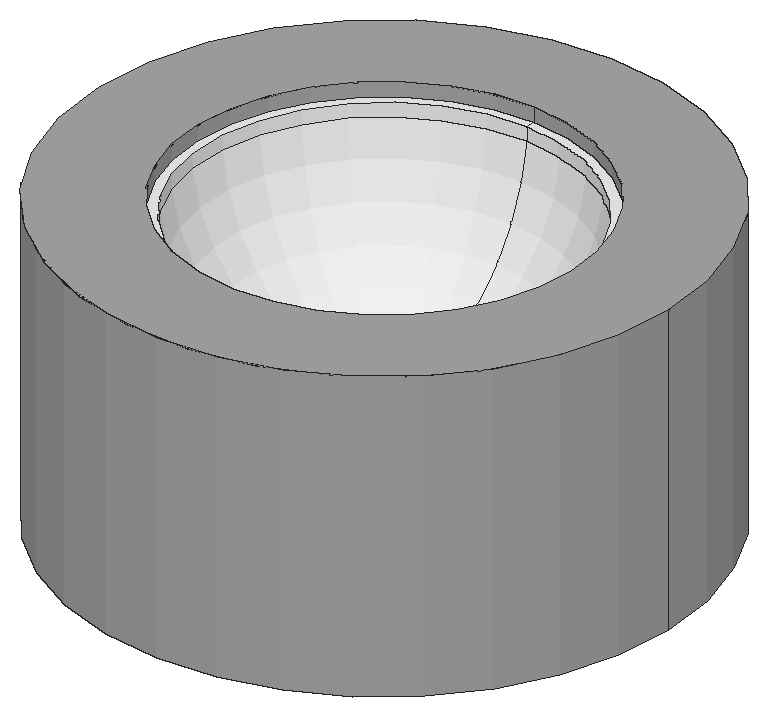
Revit family "Lighting_Fixture-Ceiling-Astro-Samos-Round", category Lighting Fixtures, host Face, Revit 2014
Parameters (values of type "5683 Samos Round (Anodised)")
  Width = 62.50 mm
  Weight = "0.3kg"
  Wattage Comments = "5w"
  Wattage = 1.26564 W
  built-in parameter 1150110 = 1 (stored number, unit not read)
  Voltage = 230 V
  URL = "www.astrolighting.co.uk"
  Type Comments = "- 230V LED driver not required - Ideal for fitting underneath cabinets"
  built-in parameter 1114217 = 1 (stored number, unit not read)
  Tilt Angle = -90.00°
  built-in parameter 1150109 = 1 (stored number, unit not read)
  built-in parameter 1150134 = (empty or 0)
  built-in parameter 1150113 = 1 (stored number, unit not read)
  Suitable for bathroom zone = "Zone 3"
  Product Documentation = "http://www.astrolighting.co.uk/products/kw/Samos/5683_Samos-Round"
  Photometric Web File = "7472 SAMOS ROUND.ies"
  Number of Poles = 1
  Mountable on normally flammable surfaces = "Yes"
  Model = "5683 Samos Round Anodised"
  Manufacturer = "Astro Lighting Ltd, CM20 2DP"
  built-in parameter 1150105 = 14.961 (stored number, unit not read)
  Lumens = 188 lm
  Luminaire Lamp Efficiency Rating = "A+"
  built-in parameter 1150115 = 1 (stored number, unit not read)
  Light Source Elevation = 15.00 mm
  built-in parameter 1150137 = (empty or 0)
  built-in parameter 1150139 = (empty or 0)
  Length = 62.50 mm
  built-in parameter 1150112 = 1 (stored number, unit not read)
  built-in parameter 1150114 = 1 (stored number, unit not read)
  Lamp included = "Yes"
  Lamp = "LED"
  built-in parameter 1150132 = 2
  built-in parameter 1150102 = (empty or 0)
  built-in parameter 1150107 = 3000 (stored number, unit not read)
  built-in parameter 1150138 = (empty or 0)
  built-in parameter 1150106 = 0.14961 (stored number, unit not read)
  IP Rating = "IP20"
  Height = 31.50 mm
  Energy Efficiency Rating = "A+"
  built-in parameter 1150104 = 13.8 (stored number, unit not read)
  Dimming Lamp Color Temperature Shift = <None>
  Dimmable = "No"
  Description = "Down Light"
  Default Elevation = 1219.20 mm
  Color Filter = 16777215
  Class = 2
  Casing Material = Astro - Aluminium - Anodised
  built-in parameter 1114218 = 1 (stored number, unit not read)
  built-in parameter 1150133 = 10 (stored number, unit not read)
  Manufacturer Contact = "01279 427001"
  Assembly Code = "D5020200"
  Apparent Load = 6.03 VA
Types (3, lengths in mm): name | Wattage | Product Documentation | Model | built-in parameter 1150104 | Casing Material
  (no name) | 1.26564 W | "http://www.astrolighting.co.uk/products/kw/Samos/5683_Samos-Round" | "5683 Samos Round Anodised" | 13.8 (stored number, unit not read) | Astro - Aluminium - Anodised
  5683 Samos Round (Anodised) | 1.26564 W | "http://www.astrolighting.co.uk/products/kw/Samos/5683_Samos-Round" | "5683 Samos Round Anodised" | 13.8 (stored number, unit not read) | Astro - Aluminium - Anodised
  7472 Samos Round (White) | 2.31813 W | "http://wwwhttp://www.astrolighting.co.uk/products/kw/Samos/7472_Samos-Round" | "7472 Samos Round White" | 7.5344 (stored number, unit not read) | Astro - Aluminium - White
Reference planes
  plane 1 "Center (Front/Back)": y = 0
  plane 2: z = 0
  plane 3 "Center (Left/Right)": x = 0
  plane 4 "Light Source Elevation": z = 15
  plane 5 "Left": x = -31.25
  plane 6 "Right": x = 31.25
  plane 7 "Front": y = 31.25
  plane 8 "Back": y = -31.25
  plane 9 "Bottom": z = 31.5
  plane 10 "Top": z = -180
Forms (mm)
  Revolve 1, solid, material "Astro - Aluminium - Chrome Finish"
    sketch origin (0, 0, 0) x (0, 1, 0) y (0, 0, 1)
      loop
        line (21.5, 30) -> (19.5, 30) -> (19.5, 28.546)
        arc (19.5, 28.546) -> (15.38, 18.214) -> (6.512, 11.5) r 20.728
        line (6.512, 11.5) -> (0, 11.5) -> (0, 9.5) -> (6.884, 9.5)
        arc (6.884, 9.5) -> (16.886, 16.891) -> (21.5, 28.44) r 22.728
        line (21.5, 28.44) -> (21.5, 30)
      axis (0, 30) -> (0, 9.5)
    angle from 0 to 360
  Extrusion 2, solid, material "Astro - Aluminium - Anodised" <- "Casing Material"
    sketch origin (0, 0, 0) x (1, 0, 0) y (0, 1, 0)
      loop
        circle (0, 0) r 31.25
    from 0 to 31.5
  Extrusion 3, void
    sketch origin (0, 0, 0) x (0, 1, 0) y (1, 0, 0)
      loop
        circle (0, 0) r 20.5
    from -31.5 to -9.5
Cuts and joins
  Extrusion 3 cuts Extrusion 2
Dimensions and locks
  "Light Source Elevation": plane 4 "Light Source Elevation" to plane 2
  equal spacing: plane 5 "Left", plane 3 "Center (Left/Right)", plane 6 "Right"
  "Length": plane 5 "Left" to plane 6 "Right"
  equal spacing: plane 7 "Front", plane 1 "Center (Front/Back)", plane 8 "Back"
  "Width": plane 7 "Front" to plane 8 "Back"
  "Height": plane 9 "Bottom" to plane 2
  plane 2 to plane 10 "Top" = 180.00 mm
  locked: plane 9 "Bottom" to Revolve 1 sketch curve at 1.5
  locked: Revolve 1 sketch curve to Revolve 1 sketch curve at 19.5
  locked: plane 9 "Bottom" to Revolve 1 sketch curve at 20
  locked: plane 9 "Bottom" to Revolve 1 sketch curve at 22
  locked: Revolve 1 sketch curve to Revolve 1 sketch curve at 21.5
  radius of Extrusion 2 sketch curve = 31.25 mm
  aligned and locked: plane 2 to host face
  aligned and locked: level to host face
  aligned and locked: plane 3 "Center (Left/Right)" to imposter light
  aligned and locked: plane 4 "Light Source Elevation" to imposter light
  aligned and locked: plane 1 "Center (Front/Back)" to Revolve 1 sketch curve
  aligned and locked: plane 3 "Center (Left/Right)" to Extrusion 2 sketch curve
  aligned and locked: plane 1 "Center (Front/Back)" to Extrusion 2 sketch curve
  aligned and locked: plane 9 "Bottom" to Extrusion 2
  aligned and locked: Extrusion 2 to plane 2
  aligned and locked: plane 3 "Center (Left/Right)" to Extrusion 3 sketch curve
  aligned and locked: plane 1 "Center (Front/Back)" to Extrusion 3 sketch curve
  aligned and locked: plane 9 "Bottom" to Extrusion 3
  aligned and locked: Extrusion 3 to Revolve 1
Automatic sketch dimensions
  host sketch curve to host sketch curve = 166.994 mm
  host sketch curve to host sketch curve = 167.153 mm
  Revolve 1 sketch curve to Revolve 1 sketch curve = 0.00 mm  (x2)
  Revolve 1 sketch curve to plane 1 "Center (Front/Back)" = 0.00 mm
  Revolve 1 sketch curve to plane 9 "Bottom" = 0.723 mm
  plane 1 "Center (Front/Back)" to Revolve 1 sketch curve = 1.108 mm
  Revolve 1 sketch curve to Revolve 1 sketch curve = 1.56 mm
  Revolve 1 sketch curve to Revolve 1 sketch curve = 0.372 mm
  level to Revolve 1 sketch curve = 3.843 mm
  plane 9 "Bottom" to Revolve 1 sketch curve = 5.161 mm
  radius of Extrusion 3 sketch curve = 20.50 mm
Connectors
  electrical at (0, 0, 0), driven by "Number of Poles", driven by "Voltage", driven by "Apparent Load"
    settings: on cut or joined group of Extrusion 2, Extrusion 3, index 1, voltage 230 V, apparent load 0 VA, apparent load phase1 6.03 VA, apparent load phase2 0 VA, apparent load phase3 0 VA, power factor 1, load classification "Other", number of poles 1, system type 31, power factor state 1, is connector primary yes, connector utility no, sub classification motor no, connector description ""
